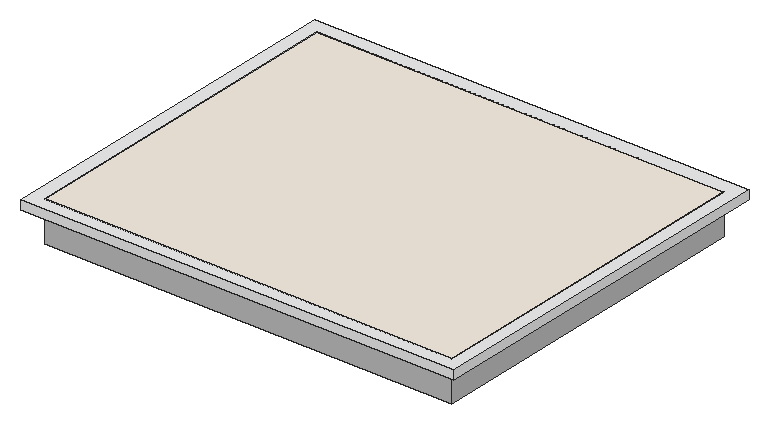
Revit family "Lighting-Industriale-GEWISS-ELIA-HL-LED_RIFLETTORE", category Apparecchi per illuminazione, host Superficie, Revit 2019 (continued)
Types (12, lengths in mm): name | Tensione | Scheda Tecnica | Potenza di sistema | Peso (kg): | Peso (kg) | Ottica | built-in parameter 1150142 | Lumen output (lm) | Modello | IDT | File diagramma fotometrico | Description
    09.03 569.08 531.25 495.72 461.89 429.42 398.39 368.73 \r\n340.25 313.14 287.05 261.20 236.47 213.52 191.84 171.45 \r\n152.32 134.63 118.17 102.77 88.40 74.87 62.33 50.81 40.41 \r\n31.11 23.21 17.09 12.44 9.16 7.02 5.71 5.34 \r\n4943.60 4943.60 4944.45 4944.45 4946.15 4947.00 4948.70 \r\n4950.40 4952.10 4953.80 4955.50 4958.90 4962.30 4964.85 \r\n4968.25 4972.50 4976.75 4981.00 4985.25 4990.35 4994.60 \r\n4999.70 5005.65 5010.75 5015.85 5020.95 5026.05 5031.15 \r\n5036.25 5041.35 5046.45 5052.40 5057.50 5063.45 5069.40 \r\n5075.35 5081.30 5087.25 5094.05 5099.15 5105.95 5112.75 \r\n5118.70 5125.50 5132.30 5138.25 5145.90 5152.70 5160.35 \r\n5167.15 5174.80 5182.45 5189.25 5196.05 5203.70 5210.50 \r\n5217.30 5223.25 5230.05 5235.15 5239.40 5244.50 5247.90 \r\n5251.30 5253.85 5254.70 5256.40 5256.40 5255.55 5254.70 \r\n5253.00 5250.45 5247.05 5242.80 5237.70 5230.90 5223.25 \r\n5213.90 5203.70 5191.80 5179.90 5165.45 5150.15 5134.00 \r\n5117.00 5099.15 5078.75 5057.50 5035.40 5010.75 4985.25 \r\n4957.20 4925.75 4893.45 4856.05 4812.70 4762.55 4708.15 \r\n4648.65 4583.20 4514.35 4443.80 4371.55 4296.75 4217.70 \r\n4132.70 4042.60 3947.40 3844.55 3736.60 3624.40 3511.35 \r\n3399.15 3288.65 3180.70 3073.60 2969.90 2870.45 2771.00 \r\n2672.40 2573.80 2477.75 2383.40 2292.45 2202.35 2114.80 \r\n2028.10 1943.10 1859.80 1778.20 1698.98 1621.29 1546.15 \r\n1472.71 1401.82 1335.01 1269.98 1204.88 1140.95 1079.59 \r\n1019.58 959.91 901.85 846.60 793.73 743.50 695.98 651.44 \r\n609.37 569.33 531.50 495.81 461.98 429.59 398.56 368.90 \r\n340.42 313.14 286.96 261.20 236.55 213.60 192.01 171.67 \r\n152.52 134.90 118.46 102.99 88.53 75.00 62.47 50.92 40.49 \r\n31.21 23.32 17.18 12.50 9.22 7.07 5.75 5.34 \r\n4943.60 4943.60 4944.45 4944.45 4946.15 4947.00 4947.85 \r\n4950.40 4952.10 4953.80 4956.35 4958.90 4962.30 4964.85 \r\n4969.10 4972.50 4976.75 4981.85 4986.10 4990.35 4996.30 \r\n5000.55 5005.65 5010.75 5015.85 5020.95 5026.05 5031.15 \r\n5036.25 5041.35 5047.30 5052.40 5058.35 5063.45 5069.40 \r\n5075.35 5081.30 5088.10 5094.05 5100.00 5105.95 5112.75 \r\n5119.55 5125.50 5132.30 5139.10 5146.75 5153.55 5161.20 \r\n5168.85 5176.50 5183.30 5190.95 5197.75 5204.55 5211.35 \r\n5218.15 5224.95 5230.90 5236.00 5241.10 5245.35 5248.75 \r\n5252.15 5254.70 5256.40 5256.40 5256.40 5256.40 5255.55 \r\n5253.85 5251.30 5247.90 5243.65 5238.55 5231.75 5224.10 \r\n5214.75 5203.70 5192.65 5179.90 5166.30 5151.00 5134.85 \r\n5117.85 5100.00 5079.60 5058.35 5036.25 5012.45 4986.95 \r\n4958.90 4927.45 4895.15 4856.90 4812.70 4763.40 4707.30 \r\n4647.80 4582.35 4513.50 4442.95 4370.70 4295.90 4217.70 \r\n4132.70 4042.60 3946.55 3844.55 3735.75 3623.55 3510.50 \r\n3397.45 3288.65 3180.70 3074.45 2969.90 2869.60 2771.00 \r\n2671.55 2573.80 2477.75 2384.25 2292.45 2203.20 2114.80 \r\n2028.10 1943.10 1859.80 1778.20 1698.56 1621.63 1546.66 \r\n1473.98 1403.69 1336.88 1271.69 1205.98 1141.55 1079.92 \r\n1019.75 959.99 901.93 846.68 793.99 743.75 696.24 651.70 \r\n609.62 569.50 531.59 495.89 461.98 429.67 398.82 368.98 \r\n340.51 313.14 286.88 261.20 236.64 213.77 192.19 171.79 \r\n152.70 135.13 118.73 103.19 88.63 75.11 62.61 51.03 40.57 \r\n31.31 23.44 17.27 12.57 9.28 7.12 5.78 5.35 \r\n4943.60 4943.60 4944.45 4945.30 4946.15 4946.15 4947.85 \r\n4949.55 4952.10 4953.80 4956.35 4958.90 4962.30 4964.85 \r\n4969.10 4973.35 4976.75 4981.85 4986.10 4991.20 4996.30 \r\n5001.40 5006.50 5011.60 5017.55 5022.65 5026.90 5032.00 \r\n5037.10 5043.05 5048.15 5053.25 5059.20 5063.45 5069.40 \r\n5075.35 5082.15 5088.10 5094.05 5100.85 5105.95 5112.75 \r\n5119.55 5126.35 5132.30 5139.10 5146.75 5155.25 5162.05 \r\n5169.70 5177.35 5185.00 5191.80 5199.45 5206.25 5213.05 \r\n5220.70 5226.65 5232.60 5236.85 5241.95 5247.05 5250.45 \r\n5253.85 5255.55 5256.40 5258.10 5258.10 5258.10 5256.40 \r\n5254.70 5253.00 5248.75 5243.65 5238.55 5232.60 5224.95 \r\n5214.75 5203.70 5192.65 5180.75 5166.30 5151.85 5134.85 \r\n5117.85 5100.85 5080.45 5059.20 5037.10 5013.30 4986.95 \r\n4959.75 4928.30 4896.00 4857.75 4812.70 4762.55 4708.15 \r\n4646.95 4581.50 4512.65 4441.25 4369.85 4295.05 4216.85 \r\n4132.70 4041.75 3946.55 3844.55 3734.90 3622.70 3509.65 \r\n3396.60 3286.95 3180.70 3074.45 2970.75 2869.60 2771.00 \r\n2672.40 2574.65 2477.75 2384.25 2292.45 2203.20 2114.80 \r\n2028.10 1943.10 1859.80 1779.05 1698.98 1621.88 1547.26 \r\n1475.26 1405.73 1338.75 1273.13 1206.83 1141.89 1080.10 \r\n1019.91 959.99 901.93 846.68 793.99 743.84 696.49 651.95 \r\n609.79 569.67 531.67 495.89 461.98 429.76 398.99 369.15 \r\n340.51 313.06 286.62 261.04 236.73 213.77 192.27 171.87 \r\n152.83 135.32 118.96 103.33 88.71 75.20 62.72 51.12 40.63 \r\n31.40 23.55 17.37 12.63 9.33 7.17 5.80 5.35 \r\n4943.60 4943.60 4944.45 4945.30 4946.15 4947.00 4947.85 \r\n4949.55 4952.10 4953.80 4956.35 4958.90 4962.30 4964.85 \r\n4969.10 4973.35 4976.75 4981.85 4986.95 4991.20 4996.30 \r\n5001.40 5006.50 5012.45 5017.55 5022.65 5027.75 5032.85 \r\n5037.95 5043.05 5048.15 5053.25 5059.20 5065.15 5069.40 \r\n5076.20 5082.15 5088.10 5094.05 5100.85 5106.80 5112.75 \r\n5119.55 5126.35 5133.15 5140.80 5147.60 5155.25 5162.90 \r\n5170.55 5177.35 5185.85 5193.50 5200.30 5207.10 5214.75 \r\n5221.55 5228.35 5233.45 5238.55 5242.80 5247.90 5251.30 \r\n5253.85 5255.55 5258.10 5258.10 5258.95 5258.10 5257.25 \r\n5255.55 5253.00 5249.60 5245.35 5239.40 5232.60 5224.10 \r\n5215.60 5204.55 5193.50 5181.60 5167.15 5151.00 5135.70 \r\n5118.70 5100.85 5081.30 5060.05 5037.95 5013.30 4987.80 \r\n4961.45 4930.00 4896.85 4858.60 4813.55 4763.40 4707.30 \r\n4646.10 4579.80 4510.95 4440.40 4369.00 4295.05 4216.85 \r\n4132.70 4041.75 3945.70 3843.70 3734.05 3621.85 3507.95 \r\n3396.60 3286.95 3180.70 3074.45 2970.75 2870.45 2771.00 \r\n2672.40 2574.65 2478.60 2384.25 2292.45 2202.35 2114.80 \r\n2028.95 1943.95 1860.65 1779.05 1699.06 1622.14 1547.77 \r\n1476.45 1407.43 1340.45 1274.40 1207.68 1142.14 1080.10 \r\n1019.91 959.91 901.68 846.51 793.90 743.84 696.41 651.87 \r\n609.88 569.67 531.67 495.81 461.89 429.76 399.08 369.24 \r\n340.51 312.88 286.45 260.95 236.64 213.77 192.27 171.96 \r\n152.91 135.47 119.15 103.45 88.74 75.26 62.81 51.19 40.68 \r\n31.48 23.67 17.46 12.69 9.38 7.20 5.83 5.36 \r\n4943.60 4943.60 4944.45 4945.30 4946.15 4947.00 4947.85 \r\n4949.55 4952.10 4953.80 4956.35 4958.90 4962.30 4965.70 \r\n4969.10 4973.35 4976.75 4981.85 4986.95 4992.05 4996.30 \r\n5001.40 5007.35 5012.45 5017.55 5022.65 5027.75 5032.85 \r\n5038.80 5043.05 5048.15 5054.10 5059.20 5065.15 5070.25 \r\n5076.20 5082.15 5088.10 5094.05 5100.85 5106.80 5112.75 \r\n5119.55 5126.35 5133.15 5140.80 5147.60 5156.10 5163.75 \r\n5171.40 5179.05 5186.70 5194.35 5202.00 5208.80 5216.45 \r\n5223.25 5229.20 5234.30 5239.40 5244.50 5248.75 5251.30 \r\n5254.70 5257.25 5258.10 5259.80 5259.80 5259.80 5258.10 \r\n5256.40 5254.70 5250.45 5245.35 5239.40 5233.45 5224.95 \r\n5215.60 5204.55 5193.50 5180.75 5167.15 5151.85 5135.70 \r\n5118.70 5100.85 5082.15 5060.90 5038.80 5015.00 4989.50 \r\n4961.45 4931.70 4898.55 4859.45 4814.40 4762.55 4706.45 \r\n4645.25 4578.95 4510.10 4440.40 4368.15 4294.20 4216.00 \r\n4131.85 4040.90 3944.85 3842.00 3734.05 3621.00 3507.95 \r\n3394.90 3286.95 3180.70 3075.30 2971.60 2870.45 2770.15 \r\n2672.40 2574.65 2478.60 2385.10 2292.45 2202.35 2114.80 \r\n2028.95 1943.95 1860.65 1779.05 1699.15 1622.22 1548.11 \r\n1477.47 1408.96 1341.89 1275.51 1208.11 1142.14 1080.01 \r\n1019.66 959.48 901.25 846.17 793.73 743.66 696.24 651.78 \r\n609.79 569.67 531.59 495.63 461.63 429.67 399.08 369.24 \r\n340.42 312.71 286.19 260.78 236.55 213.77 192.27 171.87 \r\n152.94 135.57 119.28 103.52 88.75 75.28 62.87 51.24 40.71 \r\n31.54 23.77 17.55 12.75 9.42 7.24 5.84 5.36 \r\n4943.60 4943.60 4944.45 4945.30 4946.15 4947.00 4947.85 \r\n4949.55 4951.25 4953.80 4956.35 4958.90 4962.30 4965.70 \r\n4969.95 4973.35 4977.60 4981.85 4986.95 4992.05 4997.15 \r\n5003.10 5008.20 5013.30 5018.40 5024.35 5028.60 5033.70 \r\n5038.80 5043.90 5049.00 5054.95 5059.20 5065.15 5070.25 \r\n5076.20 5082.15 5088.10 5094.05 5100.85 5107.65 5112.75 \r\n5120.40 5126.35 5133.15 5141.65 5148.45 5156.10 5163.75 \r\n5172.25 5179.90 5187.55 5195.20 5202.85 5209.65 5217.30 \r\n5224.10 5230.05 5236.00 5240.25 5245.35 5248.75 5253.00 \r\n5255.55 5257.25 5259.80 5260.65 5260.65 5260.65 5258.95 \r\n5257.25 5254.70 5250.45 5246.20 5240.25 5233.45 5224.95 \r\n5215.60 5205.40 5193.50 5180.75 5166.30 5151.85 5136.55 \r\n5119.55 5100.85 5082.15 5061.75 5038.80 5015.85 4990.35 \r\n4963.15 4932.55 4899.40 4860.30 4815.25 4763.40 4705.60 \r\n4644.40 4578.10 4509.25 4439.55 4368.15 4294.20 4216.85 \r\n4131.00 4040.90 3944.00 3842.00 3732.35 3620.15 3507.10 \r\n3394.90 3286.95 3180.70 3075.30 2972.45 2870.45 2771.00 \r\n2672.40 2574.65 2479.45 2385.10 2292.45 2202.35 2113.95 \r\n2028.95 1943.95 1860.65 1779.90 1699.32 1622.39 1548.53 \r\n1478.32 1410.23 1342.91 1276.19 1208.36 1142.06 1079.59 \r\n1019.15 958.97 900.75 845.75 793.30 743.33 695.98 651.53 \r\n609.53 569.41 531.42 495.38 461.38 429.50 399.08 369.15 \r\n340.25 312.46 285.86 260.52 236.38 213.69 192.19 171.87 \r\n152.91 135.60 119.35 103.55 88.71 75.28 62.91 51.26 40.73 \r\n31.60 23.88 17.63 12.80 9.46 7.26 5.86 5.36 \r\n4943.60 4943.60 4944.45 4945.30 4946.15 4947.00 4947.85 \r\n4949.55 4951.25 4953.80 4956.35 4958.90 4962.30 4965.70 \r\n4969.95 4973.35 4978.45 4982.70 4987.80 4992.90 4998.00 \r\n5003.10 5008.20 5013.30 5019.25 5024.35 5029.45 5034.55 \r\n5039.65 5044.75 5049.85 5054.95 5060.05 5065.15 5070.25 \r\n5076.20 5082.15 5088.10 5094.90 5100.85 5107.65 5113.60 \r\n5120.40 5127.20 5134.85 5141.65 5148.45 5156.95 5164.60 \r\n5173.10 5181.60 5189.25 5196.05 5204.55 5211.35 5219.00 \r\n5224.95 5231.75 5236.85 5241.95 5246.20 5250.45 5253.85 \r\n5256.40 5258.10 5259.80 5260.65 5261.50 5260.65 5259.80 \r\n5258.10 5254.70 5252.15 5246.20 5240.25 5233.45 5225.80 \r\n5215.60 5205.40 5193.50 5181.60 5167.15 5151.85 5136.55 \r\n5119.55 5101.70 5083.00 5061.75 5039.65 5016.70 4990.35 \r\n4964.00 4935.10 4900.25 4861.15 4815.25 4764.25 4706.45 \r\n4643.55 4577.25 4508.40 4438.70 4366.45 4293.35 4216.00 \r\n4131.00 4040.05 3943.15 3841.15 3732.35 3620.15 3506.25 \r\n3393.20 3285.25 3180.70 3075.30 2971.60 2870.45 2771.00 \r\n2672.40 2575.50 2479.45 2385.95 2292.45 2202.35 2113.95 \r\n2028.10 1943.95 1860.65 1779.90 1699.15 1622.65 1548.79 \r\n1478.91 1411.17 1343.68 1276.62 1208.36 1141.55 1078.99 \r\n1018.55 958.29 899.98 845.07 792.71 742.73 695.55 651.18 \r\n609.20 568.99 531.00 495.04 461.04 429.25 398.90 368.98 \r\n340.08 312.12 285.52 260.27 236.22 213.52 192.10 171.78 \r\n152.83 135.56 119.36 103.50 88.62 75.23 62.91 51.26 40.73 \r\n31.65 23.95 17.70 12.85 9.49 7.28 5.86 5.36 \r\n4943.60 4943.60 4944.45 4945.30 4945.30 4947.00 4947.85 \r\n4949.55 4951.25 4953.80 4956.35 4959.75 4962.30 4966.55 \r\n4969.95 4973.35 4978.45 4982.70 4987.80 4992.90 4998.00 \r\n5003.10 5008.20 5014.15 5019.25 5024.35 5029.45 5034.55 \r\n5039.65 5044.75 5049.85 5054.95 5060.05 5066.00 5070.25 \r\n5076.20 5082.15 5088.10 5094.05 5100.00 5106.80 5113.60 \r\n5120.40 5127.20 5134.00 5141.65 5149.30 5157.80 5165.45 \r\n5173.95 5181.60 5189.25 5197.75 5204.55 5212.20 5219.00 \r\n5225.80 5231.75 5237.70 5241.95 5247.05 5250.45 5253.85 \r\n5256.40 5258.95 5259.80 5261.50 5262.35 5260.65 5259.80 \r\n5258.10 5254.70 5251.30 5246.20 5240.25 5233.45 5224.95 \r\n5215.60 5205.40 5193.50 5180.75 5167.15 5151.00 5135.70 \r\n5119.55 5101.70 5083.00 5061.75 5039.65 5016.70 4991.20 \r\n4964.85 4935.95 4901.10 4862.00 4816.10 4765.10 4707.30 \r\n4644.40 4577.25 4508.40 4437.85 4366.45 4292.50 4215.15 \r\n4130.15 4039.20 3942.30 3840.30 3731.50 3620.15 3507.10 \r\n3394.05 3286.10 3180.70 3076.15 2973.30 2871.30 2771.85 \r\n2672.40 2575.50 2481.15 2386.80 2294.15 2203.20 2115.65 \r\n2028.95 1944.80 1862.35 1779.90 1700.34 1623.24 1548.87 \r\n1478.23 1409.72 1341.81 1274.57 1206.32 1139.60 1077.03 \r\n1016.60 956.42 898.11 843.12 790.84 741.03 693.94 649.66 \r\n607.75 567.80 529.80 493.94 460.02 428.40 398.06 368.22 \r\n339.40 311.61 285.00 259.68 235.53 213.01 191.76 171.45 \r\n152.34 135.06 118.88 103.09 88.28 74.95 62.70 51.10 40.62 \r\n31.59 23.95 17.73 12.89 9.50 7.26 5.84 5.35 \r\n4943.60 4943.60 4944.45 4945.30 4945.30 4947.00 4947.85 \r\n4949.55 4951.25 4953.80 4956.35 4959.75 4962.30 4966.55 \r\n4969.95 4973.35 4978.45 4983.55 4987.80 4992.90 4998.00 \r\n5003.95 5009.90 5015.00 5020.10 5024.35 5029.45 5035.40 \r\n5040.50 5044.75 5049.85 5054.95 5060.05 5066.00 5070.25 \r\n5076.20 5081.30 5088.10 5094.05 5100.00 5106.80 5113.60 \r\n5120.40 5127.20 5134.00 5141.65 5149.30 5157.80 5165.45 \r\n5174.80 5182.45 5190.95 5197.75 5206.25 5213.05 5220.70 \r\n5227.50 5233.45 5238.55 5243.65 5247.05 5251.30 5254.70 \r\n5257.25 5258.95 5261.50 5261.50 5262.35 5261.50 5259.80 \r\n5258.10 5254.70 5251.30 5246.20 5239.40 5231.75 5224.95 \r\n5214.75 5203.70 5192.65 5180.75 5166.30 5151.00 5135.70 \r\n5118.70 5100.85 5082.15 5061.75 5039.65 5016.70 4992.90 \r\n4966.55 4935.95 4901.95 4862.85 4816.95 4765.95 4708.15 \r\n4645.25 4577.25 4506.70 4437.00 4365.60 4292.50 4214.30 \r\n4128.45 4037.50 3940.60 3838.60 3731.50 3621.00 3507.95 \r\n3394.90 3286.95 3180.70 3076.15 2974.15 2872.15 2772.70 \r\n2674.10 2576.35 2481.15 2386.80 2294.15 2204.05 2115.65 \r\n2029.80 1944.80 1862.35 1780.75 1700.85 1623.76 1548.79 \r\n1477.30 1407.86 1339.60 1272.11 1203.94 1137.38 1074.91 \r\n1014.47 954.29 896.16 841.08 788.72 739.16 692.24 648.04 \r\n606.22 566.27 528.45 492.75 459.00 427.30 397.12 367.37 \r\n338.64 310.93 284.41 259.00 234.94 212.59 191.42 171.02 \r\n151.80 134.50 118.35 102.62 87.89 74.65 62.47 50.93 40.49 \r\n31.54 23.94 17.75 12.92 9.51 7.24 5.82 5.35 \r\n4943.60 4943.60 4943.60 4945.30 4945.30 4947.00 4947.85 \r\n4949.55 4951.25 4953.80 4956.35 4959.75 4963.15 4966.55 \r\n4969.95 4974.20 4978.45 4983.55 4988.65 4993.75 4998.85 \r\n5004.80 5009.90 5015.00 5020.10 5025.20 5031.15 5036.25 \r\n5041.35 5045.60 5049.85 5054.95 5060.90 5066.00 5071.10 \r\n5077.05 5082.15 5088.10 5094.05 5100.85 5106.80 5113.60 \r\n5119.55 5127.20 5134.00 5142.50 5149.30 5157.80 5166.30 \r\n5174.80 5183.30 5190.95 5199.45 5206.25 5213.90 5220.70 \r\n5227.50 5233.45 5238.55 5243.65 5247.90 5252.15 5254.70 \r\n5257.25 5259.80 5261.50 5262.35 5262.35 5261.50 5259.80 \r\n5258.10 5254.70 5250.45 5245.35 5239.40 5231.75 5223.25 \r\n5214.75 5203.70 5192.65 5179.05 5166.30 5151.00 5134.85 \r\n5117.85 5100.85 5081.30 5060.90 5039.65 5017.55 4992.90 \r\n4966.55 4936.80 4902.80 4863.70 4817.80 4766.80 4709.85 \r\n4646.10 4578.10 4507.55 4437.00 4365.60 4291.65 4214.30 \r\n4128.45 4036.65 3938.90 3837.75 3730.65 3621.85 3508.80 \r\n3395.75 3287.80 3181.55 3077.00 2973.30 2872.15 2772.70 \r\n2674.10 2577.20 2482.00 2388.50 2295.85 2204.90 2116.50 \r\n2030.65 1944.80 1862.35 1780.75 1702.55 1624.35 1548.79 \r\n1476.19 1405.73 1337.13 1269.56 1201.47 1135.09 1072.62 \r\n1012.26 952.25 894.03 839.03 786.67 737.21 690.46 646.34 \r\n604.61 564.83 527.17 491.56 457.89 426.27 396.10 366.44 \r\n337.88 310.33 283.90 258.40 234.26 212.07 191.08 170.51 \r\n151.23 133.92 117.78 102.13 87.49 74.32 62.22 50.74 40.37 \r\n31.47 23.92 17.77 12.95 9.52 7.22 5.79 5.34 \r\n4943.60 4943.60 4943.60 4945.30 4945.30 4947.00 4947.85 \r\n4949.55 4951.25 4953.80 4956.35 4959.75 4962.30 4966.55 \r\n4969.95 4974.20 4978.45 4983.55 4988.65 4993.75 4998.85 \r\n5004.80 5009.90 5015.00 5020.10 5026.05 5031.15 5036.25 \r\n5041.35 5046.45 5050.70 5055.80 5060.90 5066.00 5071.10 \r\n5077.05 5082.15 5088.10 5094.05 5100.85 5105.95 5112.75 \r\n5119.55 5126.35 5134.85 5141.65 5150.15 5158.65 5166.30 \r\n5174.80 5184.15 5192.65 5199.45 5207.95 5214.75 5221.55 \r\n5228.35 5234.30 5239.40 5244.50 5248.75 5253.00 5255.55 \r\n5258.10 5259.80 5261.50 5262.35 5262.35 5261.50 5259.80 \r\n5258.10 5254.70 5250.45 5245.35 5237.70 5230.90 5223.25 \r\n5213.05 5202.85 5190.95 5179.05 5164.60 5150.15 5134.85 \r\n5117.85 5100.00 5081.30 5060.90 5039.65 5017.55 4992.90 \r\n4967.40 4938.50 4903.65 4864.55 4818.65 4767.65 4709.85 \r\n4646.95 4578.95 4507.55 4437.00 4364.75 4291.65 4212.60 \r\n4126.75 4034.10 3938.05 3836.90 3730.65 3622.70 3509.65 \r\n3397.45 3288.65 3181.55 3077.00 2974.15 2873.00 2773.55 \r\n2674.95 2577.20 2482.00 2389.35 2296.70 2205.75 2117.35 \r\n2030.65 1945.65 1862.35 1781.60 1702.55 1624.86 1548.62 \r\n1475.01 1403.61 1334.59 1266.84 1198.93 1132.80 1070.40 \r\n1010.05 950.13 891.99 836.83 784.55 735.25 688.67 644.55 \r\n602.91 563.29 525.73 490.28 456.79 425.25 395.08 365.58 \r\n337.02 309.74 283.39 257.81 233.58 211.56 190.66 170.10 \r\n150.65 133.31 117.21 101.63 87.08 
